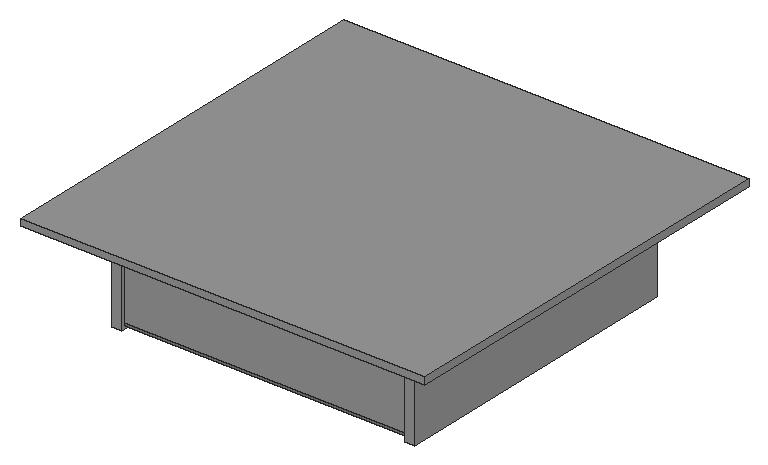
Revit family "Berica 2.0 M", category Lighting Fixtures, Revit 2020 (continued)
Definition of nested family "Light Source Berica 2.0"
  Types (4, lengths in mm): name | Photometric Web File | built-in parameter 1150142
      9.32 28.61 28.03 27.36 26.85 \r\n26.25 25.72 25.22 24.87 24.74 24.87 25.22 25.72 26.25 \r\n26.85 27.36 28.03 28.61 29.32 30.01 30.82 31.59 32.40 \r\n33.34 34.09 35.02 35.83 36.75 37.63 38.51 39.51 40.42 \r\n41.37 42.26 43.28 44.23 45.18 46.15 47.36 48.49 49.77 \r\n50.93 52.11 53.32 54.40 55.62 56.69 57.76 58.81 59.88 \r\n61.04 62.09 63.04 64.12 65.31 66.67 67.90 69.45 70.95 \r\n72.72 74.62 76.53 78.93 81.13 83.95 86.83 89.98 93.65 \r\n97.55 101.47 105.59 110.58 115.98 121.40 127.16 133.38 \r\n139.61 145.98 152.16 158.51 164.65 170.96 176.90 182.81 \r\n188.20 193.74 198.38 202.68 206.83 210.39 213.80 216.68 \r\n219.05 221.11 222.67 223.68 224.33 224.73 224.84 224.51 \r\n224.51 224.85 224.73 224.18 223.52 222.40 220.61 218.57 \r\n215.64 212.60 209.11 204.76 200.48 195.58 190.08 184.61 \r\n178.64 172.82 166.11 159.75 153.03 146.76 140.07 133.58 \r\n127.42 121.25 115.82 110.35 105.36 100.56 96.94 93.05 \r\n89.65 86.24 83.60 80.91 78.50 76.33 74.23 72.52 70.88 \r\n69.35 67.96 66.70 65.52 64.55 63.76 62.81 61.73 60.80 \r\n59.79 58.87 58.04 57.02 55.96 54.87 53.75 52.63 51.62 \r\n50.45 49.42 48.33 47.44 46.51 45.67 44.76 43.94 42.93 \r\n42.13 41.21 40.38 39.58 38.68 37.88 37.00 36.19 35.39 \r\n34.55 33.83 33.01 32.32 31.59 30.88 30.25 29.73 29.02 \r\n28.48 27.79 27.16 26.82 26.63 26.82 27.16 27.79 28.48 \r\n29.02 29.73 30.25 30.88 31.59 32.32 33.01 33.83 34.55 \r\n35.39 36.19 37.00 37.88 38.68 39.58 40.38 41.21 42.13 \r\n42.93 43.94 44.76 45.67 46.51 47.44 48.33 49.42 50.45 \r\n51.62 52.63 53.75 54.87 55.96 57.02 58.04 58.87 59.79 \r\n60.80 61.73 62.81 63.76 64.55 65.52 66.70 67.96 69.35 \r\n70.88 72.52 74.23 76.33 78.50 80.91 83.60 86.24 89.65 \r\n93.05 96.94 100.56 105.36 110.35 115.82 121.25 127.42 \r\n133.58 140.07 146.76 153.03 159.75 166.11 172.82 178.64 \r\n184.61 190.08 195.58 200.48 204.76 209.11 212.60 215.64 \r\n218.57 220.61 222.40 223.52 224.18 224.73 224.85 224.51 \r\n224.51 224.85 224.62 224.09 223.41 222.02 220.24 217.52 \r\n214.56 211.18 207.43 203.18 198.07 192.98 187.63 181.13 \r\n174.94 168.52 161.77 155.07 148.43 141.32 135.10 128.54 \r\n122.44 116.58 110.87 105.84 101.04 96.81 93.22 89.60 \r\n86.43 83.55 80.74 78.48 76.23 74.35 72.55 70.92 69.42 \r\n68.10 66.95 65.83 65.00 64.30 63.41 62.54 61.67 60.82 \r\n60.07 59.30 58.43 57.43 56.39 55.48 54.46 53.42 52.39 \r\n51.42 50.53 49.60 48.89 47.97 47.18 46.38 45.52 44.77 \r\n43.94 43.10 42.24 41.44 40.61 39.89 39.06 38.27 37.51 \r\n36.63 35.88 35.14 34.45 33.71 33.03 32.38 31.78 31.07 \r\n30.49 29.51 28.91 28.52 28.38 28.52 28.91 29.51 30.49 \r\n31.07 31.78 32.38 33.03 33.71 34.45 35.14 35.88 36.63 \r\n37.51 38.27 39.06 39.89 40.61 41.44 42.24 43.10 43.94 \r\n44.77 45.52 46.38 47.18 47.97 48.89 49.60 50.53 51.42 \r\n52.39 53.42 54.46 55.48 56.39 57.43 58.43 59.30 60.07 \r\n60.82 61.67 62.54 63.41 64.30 65.00 65.83 66.95 68.10 \r\n69.42 70.92 72.55 74.35 76.23 78.48 80.74 83.55 86.43 \r\n89.60 93.22 96.81 101.04 105.84 110.87 116.58 122.44 \r\n128.54 135.10 141.32 148.43 155.07 161.77 168.52 174.94 \r\n181.13 187.63 192.98 198.07 203.18 207.43 211.18 214.56 \r\n217.52 220.24 222.02 223.41 224.09 224.62 224.85 224.51 \r\n224.51 224.83 224.54 224.06 223.17 221.81 219.64 217.04 \r\n213.90 210.13 206.10 201.47 196.65 190.89 184.51 178.42 \r\n172.12 164.92 158.06 151.34 144.30 137.30 131.25 124.47 \r\n118.46 112.58 107.27 102.21 97.74 93.80 90.27 86.92 84.10 \r\n81.32 78.78 76.59 74.70 72.86 71.29 69.88 68.50 67.43 \r\n66.22 65.61 64.89 64.12 63.26 62.51 61.83 61.24 60.57 \r\n59.80 58.94 57.99 57.12 56.13 55.26 54.33 53.43 52.51 \r\n51.81 51.07 50.31 49.51 48.78 48.11 47.22 46.48 45.65 \r\n44.92 44.07 43.33 42.55 41.80 40.95 40.20 39.36 38.54 \r\n37.81 37.04 36.32 35.60 34.92 34.20 33.54 32.76 31.97 \r\n31.09 30.27 29.95 29.82 29.95 30.27 31.09 31.97 32.76 \r\n33.54 34.20 34.92 35.60 36.32 37.04 37.81 38.54 39.36 \r\n40.20 40.95 41.80 42.55 43.33 44.07 44.92 45.65 46.48 \r\n47.22 48.11 48.78 49.51 50.31 51.07 51.81 52.51 53.43 \r\n54.33 55.26 56.13 57.12 57.99 58.94 59.80 60.57 61.24 \r\n61.83 62.51 63.26 64.12 64.89 65.61 66.22 67.43 68.50 \r\n69.88 71.29 72.86 74.70 76.59 78.78 81.32 84.10 86.92 \r\n90.27 93.80 97.74 102.21 107.27 112.58 118.46 124.47 \r\n131.25 137.30 144.30 151.34 158.06 164.92 172.12 178.42 \r\n184.51 190.89 196.65 201.47 206.10 210.13 213.90 217.04 \r\n219.64 221.81 223.17 224.06 224.54 224.83 224.51 \r\n224.51 224.75 224.51 223.94 223.03 221.55 219.24 216.55 \r\n213.16 209.15 204.90 199.87 194.58 188.95 182.79 176.28 \r\n169.52 162.08 155.17 147.92 141.30 134.27 127.71 121.44 \r\n115.01 109.51 104.34 99.68 95.12 91.51 88.24 85.18 82.24 \r\n79.73 77.36 75.24 73.46 71.75 70.24 68.97 67.74 66.75 \r\n66.00 65.40 64.63 63.95 63.40 62.80 62.26 61.72 61.03 \r\n60.19 59.40 58.53 57.71 56.84 55.98 55.12 54.36 53.59 \r\n53.01 52.30 51.59 50.91 50.14 49.48 48.69 47.98 47.25 \r\n46.50 45.67 45.01 44.16 43.42 42.52 41.77 40.95 40.12 \r\n39.41 38.66 37.88 37.13 36.45 35.62 34.97 34.13 33.25 \r\n32.17 31.36 30.97 30.97 30.97 31.36 32.17 33.25 34.13 \r\n34.97 35.62 36.45 37.13 37.88 38.66 39.41 40.12 40.95 \r\n41.77 42.52 43.42 44.16 45.01 45.67 46.50 47.25 47.98 \r\n48.69 49.48 50.14 50.91 51.59 52.30 53.01 53.59 54.36 \r\n55.12 55.98 56.84 57.71 58.53 59.40 60.19 61.03 61.72 \r\n62.26 62.80 63.40 63.95 64.63 65.40 66.00 66.75 67.74 \r\n68.97 70.24 71.75 73.46 75.24 77.36 79.73 82.24 85.18 \r\n88.24 91.51 95.12 99.68 104.34 109.51 115.01 121.44 \r\n127.71 134.27 141.30 147.92 155.17 162.08 169.52 176.28 \r\n182.79 188.95 194.58 199.87 204.90 209.15 213.16 216.55 \r\n219.24 221.55 223.03 223.94 224.51 224.75 224.51 \r\n224.51 224.74 224.43 223.90 222.92 221.40 219.10 216.10 \r\n212.63 208.61 203.97 199.16 193.51 187.47 180.94 174.36 \r\n167.23 160.65 153.18 145.68 139.06 131.68 125.25 118.68 \r\n113.06 107.21 102.22 97.94 93.63 89.78 86.71 83.78 80.99 \r\n78.37 76.23 74.33 72.46 70.91 69.51 68.30 67.17 66.33 \r\n65.75 65.12 64.57 64.03 63.49 63.00 62.59 62.01 61.34 \r\n60.65 59.80 59.01 58.20 57.45 56.67 55.82 55.15 54.56 \r\n53.87 53.29 52.59 51.96 51.27 50.55 49.95 49.22 48.44 \r\n47.75 46.97 46.20 45.45 44.62 43.86 43.03 42.22 41.47 \r\n40.61 39.82 38.99 38.27 37.53 36.84 35.95 35.17 34.15 \r\n32.98 32.14 31.81 31.74 31.81 32.14 32.98 34.15 35.17 \r\n35.95 36.84 37.53 38.27 38.99 39.82 40.61 41.47 42.22 \r\n43.03 43.86 44.62 45.45 46.20 46.97 47.75 48.44 49.22 \r\n49.95 50.55 51.27 51.96 52.59 53.29 53.87 54.56 55.15 \r\n55.82 56.67 57.45 58.20 59.01 59.80 60.65 61.34 62.01 \r\n62.59 63.00 63.49 64.03 64.57 65.12 65.75 66.33 67.17 \r\n68.30 69.51 70.91 72.46 74.33 76.23 78.37 80.99 83.78 \r\n86.71 89.78 93.63 97.94 102.22 107.21 113.06 118.68 \r\n125.25 131.68 139.06 145.68 153.18 160.65 167.23 174.36 \r\n180.94 187.47 193.51 199.16 203.97 208.61 212.63 216.10 \r\n219.10 221.40 222.92 223.90 224.43 224.74 224.51 \r\n224.51 224.69 224.46 223.78 222.88 221.10 218.81 215.70 \r\n212.30 208.20 203.50 198.02 192.85 186.72 180.01 173.12 \r\n166.27 159.24 151.67 144.53 137.56 130.11 123.71 117.48 \r\n111.63 106.23 101.14 96.57 92.56 88.84 85.66 82.75 80.12 \r\n77.78 75.61 73.69 71.99 70.37 69.10 67.87 66.78 66.05 \r\n65.44 64.95 64.53 64.05 63.61 63.15 62.69 62.14 61.46 \r\n60.75 60.00 59.18 58.48 57.73 57.00 56.25 55.63 55.04 \r\n54.47 53.82 53.21 52.59 51.88 51.25 50.59 49.85 49.18 \r\n48.39 47.70 46.88 46.19 45.28 44.57 43.72 42.89 42.12 \r\n41.22 40.52 39.73 38.97 38.18 37.38 36.62 35.64 34.61 \r\n33.49 32.49 32.29 32.16 32.29 32.49 33.49 34.61 35.64 \r\n36.62 37.38 38.18 38.97 39.73 40.52 41.22 42.12 42.89 \r\n43.72 44.57 45.28 46.19 46.88 47.70 48.39 49.18 49.85 \r\n50.59 51.25 51.88 52.59 53.21 53.82 54.47 55.04 55.63 \r\n56.25 57.00 57.73 58.48 59.18 60.00 60.75 61.46 62.14 \r\n62.69 63.15 63.61 64.05 64.53 64.95 65.44 66.05 66.78 \r\n67.87 69.10 70.37 71.99 73.69 75.61 77.78 80.12 82.75 \r\n85.66 88.84 92.56 96.57 101.14 106.23 111.63 117.48 \r\n123.71 130.11 137.56 144.53 151.67 159.24 166.27 173.12 \r\n180.01 186.72 192.85 198.02 203.50 208.20 212.30 215.70 \r\n218.81 221.10 222.88 223.78 224.46 224.69 224.51 \r\n224.51 224.52 224.12 223.51 222.21 220.27 217.90 214.88 \r\n211.09 206.84 201.88 196.44 190.50 185.22 178.05 171.58 \r\n164.32 157.55 149.52 143.11 135.34 128.78 122.08 115.76 \r\n109.84 104.79 99.84 95.64 91.63 88.04 84.87 82.15 79.31 \r\n77.31 75.19 73.28 71.60 70.22 68.86 67.78 66.65 65.83 \r\n65.40 64.96 64.60 64.27 63.79 63.38 62.88 62.35 61.69 \r\n60.96 60.13 59.44 58.71 57.98 57.22 56.48 55.90 55.32 \r\n54.79 54.06 53.50 52.80 52.19 51.50 50.82 50.08 49.45 \r\n48.64 47.94 47.16 46.33 45.50 44.83 43.77 43.09 42.25 \r\n41.37 40.58 39.76 38.95 38.26 37.42 36.55 35.56 34.30 \r\n33.23 32.44 32.29 32.23 32.29 32.44 33.23 34.30 35.56 \r\n36.55 37.42 38.26 38.95 39.76 40.58 41.37 42.25 43.09 \r\n43.77 44.83 45.50 46.33 47.16 47.94 48.64 49.45 50.08 \r\n50.82 51.50 52.19 52.80 53.50 54.06 54.79 55.32 55.90 \r\n56.48 57.22 57.98 58.71 59.44 60.13 60.96 61.69 62.35 \r\n62.88 63.38 63.79 64.27 64.60 64.96 65.40 65.83 66.65 \r\n67.78 68.86 70.22 71.60 73.28 75.19 77.31 79.31 82.15 \r\n84.87 88.04 91.63 95.64 99.84 104.79 109.84 115.76 122.08 \r\n128.78 135.34 143.11 149.52 157.55 164.32 171.58 178.05 \r\n185.22 190.50 196.44 201.88 206.84 211.09 214.88 217.90 \r\n220.27 222.21 223.51 224.12 224.52 224.51 \r\n224.51 224.69 224.46 223.78 222.88 221.10 218.81 215.70 \r\n212.30 208.20 203.50 198.02 192.85 186.72 180.01 173.12 \r\n166.27 159.24 151.67 144.53 137.56 130.11 123.71 117.48 \r\n111.63 106.23 101.14 96.57 92.56 88.84 85.66 82.75 80.12 \r\n77.78 75.61 73.69 71.99 70.37 69.10 67.87 66.78 66.05 \r\n65.44 64.95 64.53 64.05 63.61 63.15 62.69 62.14 61.46 \r\n60.75 60.00 59.18 58.48 57.73 57.00 56.25 55.63 55.04 \r\n54.47 53.82 53.21 52.59 51.88 51.25 50.59 49.85 49.18 \r\n48.39 47.70 46.88 46.19 45.28 44.57 43.72 42.89 42.12 \r\n41.22 40.52 39.73 38.97 38.18 37.38 36.62 35.64 34.61 \r\n33.49 32.49 32.29 32.16 32.29 32.49 33.49 34.61 35.64 \r\n36.62 37.38 38.18 38.97 39.73 40.52 41.22 42.12 42.89 \r\n43.72 44.57 45.28 46.19 46.88 47.70 48.39 49.18 49.85 \r\n50.59 51.25 51.88 52.59 53.21 53.82 54.47 55.04 55.63 \r\n56.25 57.00 57.73 58.48 59.18 60.00 60.75 61.46 62.14 \r\n62.69 63.15 63.61 64.05 64.53 64.95 65.44 66.05 66.78 \r\n67.87 69.10 70.37 71.99 73.69 75.61 77.78 80.12 82.75 \r\n85.66 88.84 92.56 96.57 101.14 106.23 111.63 117.48 \r\n123.71 130.11 137.56 144.53 151.67 159.24 166.27 173.12 \r\n180.01 186.72 192.85 198.02 203.50 208.20 212.30 215.70 \r\n218.81 221.10 222.88 223.78 224.46 224.69 224.51 \r\n224.51 224.74 224.43 223.90 222.92 221.40 219.10 216.10 \r\n212.63 208.61 203.97 199.16 193.51 187.47 180.94 174.36 \r\n167.23 160.65 153.18 145.68 139.06 131.68 125.25 118.68 \r\n113.06 107.21 102.22 97.94 93.63 89.78 86.71 83.78 80.99 \r\n78.37 76.23 74.33 72.46 70.91 69.51 68.30 67.17 66.33 \r\n65.75 65.12 64.57 64.03 63.49 63.00 62.59 62.01 61.34 \r\n60.65 59.80 59.01 58.20 57.45 56.67 55.82 55.15 54.56 \r\n53.87 53.29 52.59 51.96 51.27 50.55 49.95 49.22 48.44 \r\n47.75 46.97 46.20 45.45 44.62 43.86 43.03 42.22 41.47 \r\n40.61 39.82 38.99 38.27 37.53 36.84 35.95 35.17 34.15 \r\n32.98 32.14 31.81 31.74 31.81 32.14 32.98 34.15 35.17 \r\n35.95 36.84 37.53 38.27 38.99 39.82 40.61 41.47 42.22 \r\n43.03 43.86 44.62 45.45 46.20 46.97 47.75 48.44 49.22 \r\n49.95 50.55 51.27 51.96 52.59 53.29 53.87 54.56 55.15 \r\n55.82 56.67 57.45 58.20 59.01 59.80 60.65 61.34 62.01 \r\n62.59 63.00 63.49 64.03 64.57 65.12 65.75 66.33 67.17 \r\n68.30 69.51 70.91 72.46 74.33 76.23 78.37 80.99 83.78 \r\n86.71 89.78 93.63 97.94 102.22 107.21 113.06 118.68 \r\n125.25 131.68 139.06 145.68 153.18 160.65 167.23 174.36 \r\n180.94 187.47 193.51 199.16 203.97 208.61 212.63 216.10 \r\n219.10 221.40 222.92 223.90 224.43 224.74 224.51 \r\n224.51 224.75 224.51 223.94 223.03 221.55 219.24 216.55 \r\n213.16 209.15 204.90 199.87 194.58 188.95 182.79 176.28 \r\n169.52 162.08 155.17 147.92 141.30 134.27 127.71 121.44 \r\n115.01 109.51 104.34 99.68 95.12 91.51 88.24 85.18 82.24 \r\n79.73 77.36 75.24 73.46 71.75 70.24 68.97 67.74 66.75 \r\n66.00 65.40 64.63 63.95 63.40 62.80 62.26 61.72 61.03 \r\n60.19 59.40 58.53 57.71 56.84 55.98 55.12 54.36 53.59 \r\n53.01 52.30 51.59 50.91 50.14 49.48 48.69 47.98 47.25 \r\n46.50 45.67 45.01 44.16 43.42 42.52 41.77 40.95 40.12 \r\n39.41 38.66 37.88 37.13 36.45 35.62 34.97 34.13 33.25 \r\n32.17 31.36 30.97 30.97 30.97 31.36 32.17 33.25 34.13 \r\n34.97 35.62 36.45 37.13 37.88 38.66 39.41 40.12 40.95 \r\n41.77 42.52 43.42 44.16 45.01 45.67 46.50 47.25 47.98 \r\n48.69 49.48 50.14 50.91 51.59 52.30 53.01 53.59 54.36 \r\n55.12 55.98 56.84 57.71 58.53 59.40 60.19 61.03 61.72 \r\n62.26 62.80 63.40 63.95 64.63 65.40 66.00 66.75 67.74 \r\n68.97 70.24 71.75 73.46 75.24 77.36 79.73 82.24 85.18 \r\n88.24 91.51 95.12 99.68 104.34 109.51 115.01 121.44 \r\n127.71 134.27 141.30 147.92 155.17 162.08 169.52 176.28 \r\n182.79 188.95 194.58 199.87 204.90 209.15 213.16 216.55 \r\n219.24 221.55 223.03 223.94 224.51 224.75 224.51 \r\n224.51 224.83 224.54 224.06 223.17 221.81 219.64 217.04 \r\n213.90 210.13 206.10 201.47 196.65 190.89 184.51 178.42 \r\n172.12 164.92 158.06 151.34 144.30 137.30 131.25 124.47 \r\n118.46 112.58 107.27 102.21 97.74 93.80 90.27 86.92 84.10 \r\n81.32 78.78 76.59 74.70 72.86 71.29 69.88 68.50 67.43 \r\n66.22 65.61 64.89 64.12 63.26 62.51 61.83 61.24 60.57 \r\n59.80 58.94 57.99 57.12 56.13 55.26 54.33 53.43 52.51 \r\n51.81 51.07 50.31 49.51 48.78 48.11 47.22 46.48 45.65 \r\n44.92 44.07 43.33 42.55 41.80 40.95 40.20 39.36 38.54 \r\n37.81 37.04 36.32 35.60 34.92 34.20 33.54 32.76 31.97 \r\n31.09 30.27 29.95 29.82 29.95 30.27 31.09 31.97 32.76 \r\n33.54 34.20 34.92 35.60 36.32 37.04 37.81 38.54 39.36 \r\n40.20 40.95 41.80 42.55 43.33 44.07 44.92 45.65 46.48 \r\n47.22 48.11 48.78 49.51 50.31 51.07 51.81 52.51 53.43 \r\n54.33 55.26 56.13 57.12 57.99 58.94 59.80 60.57 61.24 \r\n61.83 62.51 63.26 64.12 64.89 65.61 66.22 67.43 68.50 \r\n69.88 71.29 72.86 74.70 76.59 78.78 81.32 84.10 86.92 \r\n90.27 93.80 97.74 102.21 107.27 112.58 118.46 124.47 \r\n131.25 137.30 144.30 151.34 158.06 164.92 172.12 178.42 \r\n184.51 190.89 196.65 201.47 206.10 210.13 213.90 217.04 \r\n219.64 221.81 223.17 224.06 224.54 224.83 224.51 \r\n224.51 224.85 224.62 224.09 223.41 222.02 220.24 217.52 \r\n214.56 211.18 207.43 203.18 198.07 192.98 187.63 181.13 \r\n174.94 168.52 161.77 155.07 148.43 141.32 135.10 128.54 \r\n122.44 116.58 110.87 105.84 101.04 96.81 93.22 89.60 \r\n86.43 83.55 80.74 78.48 76.23 74.35 72.55 70.92 69.42 \r\n68.10 66.95 65.83 65.00 64.30 63.41 62.54 61.67 60.82 \r\n60.07 59.30 58.43 57.43 56.39 55.48 54.46 53.42 52.39 \r\n51.42 50.53 49.60 48.89 47.97 47.18 46.38 45.52 44.77 \r\n43.94 43.10 42.24 41.44 40.61 39.89 39.06 38.27 37.51 \r\n36.63 35.88 35.14 34.45 33.71 33.03 32.38 31.78 31.07 \r\n30.49 29.51 28.91 28.52 28.38 28.52 28.91 29.51 30.49 \r\n31.07 31.78 32.38 33.03 33.71 34.45 35.14 35.88 36.63 \r\n37.51 38.27 39.06 39.89 40.61 41.44 42.24 43.10 43.94 \r\n44.77 45.52 46.38 47.18 47.97 48.89 49.60 50.53 51.42 \r\n52.39 53.42 54.46 55.48 56.39 57.43 58.43 59.30 60.07 \r\n60.82 61.67 62.54 63.41 64.30 65.00 65.83 66.95 68.10 \r\n69.42 70.92 72.55 74.35 76.23 78.48 80.74 83.55 86.43 \r\n89.60 93.22 96.81 101.04 105.84 110.87 116.58 122.44 \r\n128.54 135.10 141.32 148.43 155.07 161.77 168.52 174.94 \r\n181.13 187.63 192.98 198.07 203.18 207.43 211.18 214.56 \r\n217.52 220.24 222.02 223.41 224.09 224.62 224.85 224.51 \r\n224.51 224.85 224.73 224.18 223.52 222.40 220.61 218.57 \r\n215.64 212.60 209.11 204.76 200.48 195.58 190.08 184.61 \r\n178.64 172.82 166.11 159.75 153.03 146.76 140.07 133.58 \r\n127.42 121.25 115.82 110.35 105.36 100.56 96.94 93.05 \r\n89.65 86.24 83.60 80.91 78.50 76.33 74.23 72.52 70.88 \r\n69.35 67.96 66.70 65.52 64.55 63.76 62.81 61.73 60.80 \r\n59.79 58.87 58.04 57.02 55.96 54.87 53.75 52.63 51.62 \r\n50.45 49.42 48.33 47.44 46.51 45.67 44.76 43.94 42.93 \r\n42.13 41.21 40.38 39.58 38.68 37.88 37.00 36.19 35.39 \r\n34.55 33.83 33.01 32.32 31.59 30.88 30.25 29.73 29.02 \r\n28.48 27.79 27.16 26.82 26.63 26.82 27.16 27.79 28.48 \r\n29.02 29.73 30.25 30.88 31.59 32.32 33.01 33.83 34.55 \r\n35.39 36.19 37.00 37.88 38.68 39.58 40.38 41.21 42.13 \r\n42.93 43.94 44.76 45.67 46.51 47.44 48.33 49.42 50.45 \r\n51.62 52.63 53.75 54.87 55.96 57.02 58.04 58.87 59.79 \r\n60.80 61.73 62.81 63.76 64.55 65.52 66.70 67.96 69.35 \r\n70.88 72.52 74.23 76.33 78.50 80.91 83.60 86.24 89.65 \r\n93.05 96.94 100.56 105.36 110.35 115.82 121.25 127.42 \r\n133.58 140.07 146.76 153.03 159.75 166.11 172.82 178.64 \r\n184.61 190.08 195.58 200.48 204.76 209.11 212.60 215.64 \r\n218.57 220.61 22
